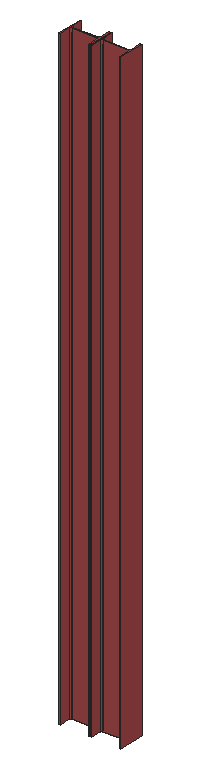
Revit family "CT_Pilar_Aco_Dup_Esq", category Structural Columns, Revit 2025
Family settings
  Section Shape = Not Defined
  Material for Model Behavior = Other
  Always export as geometry = No
  Beam cutback in plan = From bounding box
  OmniClass Number = 23.25.30.11.14.11
  OmniClass Title = Columns
  Cut with Voids When Loaded = No
  Symbolic Representation = From Family
  Shared = No
  Show family pre-cut in plan views = Yes
Parameters
  Structural Material [instance] = CT_Estrutura_Metalica
  Depth = 500 mm
  Width = 500 mm
  Coluna_E = 15 mm
Reference planes
  plane 1 "Center (Front/Back)": y = 0
  plane 2: z = 0
  plane 3 "Center (Left/Right)": x = 0
Dimensions and locks
  aligned and locked: level to plane 2
  aligned and locked: level to nested 1  (x3)
  aligned and locked: nested 1 to level
  aligned and locked: level to nested 2  (x3)
  aligned and locked: nested 2 to level
  aligned and locked: plane 3 "Center (Left/Right)" to nested 2
  aligned and locked: nested 1 to nested 2
Nested families
  nested 1: "Pilares W Gerdau" at (-301.5, 0, 0) x (0, 1, 0) z (0, 0, 1), Structural Material <- "Structural Material", type "W610X217"
    with pm 217, Structural Material CT_Estrutura_Metalica, pt 868000 mm, compr 4000 mm, Comprimento 4000 mm
  nested 2: "Pilares W Gerdau" at (-100.5, 0, 0) x (0, 1, 0) z (0, 0, 1), Structural Material <- "Structural Material", type "W610X217"
    with pm 217, Structural Material CT_Estrutura_Metalica, pt 868000 mm, compr 4000 mm, Comprimento 4000 mm
Definition of nested family "Pilares W Gerdau"
  Parameters (values of type "W200X35.9")
    tipo = "200x35.9"
    tip_secao = "W"
    tag = ""
    pt [instance] = compr * pm  # 89750 mm
    pm [instance] = Peso Nominal  # 35.9
    nome = "W200x35.9"
    material = "AÇO ASTM A572 - GR50"
    compr [instance] = Comprimento  # 2500 mm
    Peso Nominal = 35.9
    Width = 165 mm
    Web Thickness = 6.22 mm
    Web Fillet = 10 mm
    Warping Constant = 0.0000868 (stored number, unit not read)
    Torsional Moment of Inertia = 14.40 cm⁴
    Structural Material [instance] = none
    Comprimento [instance] = 2500 mm
    Section Name Key = "W8x24"
    Section Area = 45.7 cm²
    Plastic Modulus weak axis = 140.0 cm³
    Plastic Modulus strong axis = 379.0 cm³
    Perimeter = 3.3793 (stored number, unit not read)
    Nominal Weight = 35.8999 kgf/m
    Moment of Inertia weak axis = 762.00 cm⁴
    Moment of Inertia strong axis = 3440.00 cm⁴
    Height = 201 mm
    Flange Thickness = 10.2 mm
    Elastic Modulus weak axis = 92.3 cm³
    Elastic Modulus strong axis = 342.0 cm³
    Centroid Vertical = Height / 2  # 10.05 cm
    Centroid Horizontal = Width / 2  # 8.25 cm
    Assembly Code = ""
  Types (102, lengths in mm): name | tipo | pt | pm | nome | Peso Nominal | Width | Web Thickness | Web Fillet | Warping Constant | Torsional Moment of Inertia | Section Name Key | Section Area | Plastic Modulus weak axis | Plastic Modulus strong axis | Perimeter | Nominal Weight | Moment of Inertia weak axis | Moment of Inertia strong axis | Height | Flange Thickness | Elastic Modulus weak axis | Elastic Modulus strong axis | Centroid Vertical | Centroid Horizontal
    W200X35.9 | "200x35.9" | 89750 | 35.9 | "W200x35.9" | 35.9 | 165 | 6.22 | 10 | 0.0000868 (stored number, unit not read) | 14.40 cm⁴ | "W8x24" | 45.7 cm² | 140.0 cm³ | 379.0 cm³ | 3.3793 (stored number, unit not read) | 35.8999 kgf/m | 762.00 cm⁴ | 3440.00 cm⁴ | 201 | 10.2 | 92.3 cm³ | 342.0 cm³ | 10.05 cm | 8.25 cm
    W610X82 | "610x82" | 205000 | 82 | "W610x82" | 82 | 178 | 10 | 12.9 | 0.001297 (stored number, unit not read) | 49.10 cm⁴ | "W24x55" | 105.0 cm² | 218.0 cm³ | 2200.0 cm³ | 6.1352 (stored number, unit not read) | 81.9997 kgf/m | 1210.00 cm⁴ | 56200.00 cm⁴ | 599 | 12.8 | 136.0 cm³ | 1870.0 cm³ | 29.95 cm | 8.9 cm
    W610X92 | "610x92" | 230000 | 92 | "W610x92" | 92 | 179 | 10.9 | 12.7 | 0.0015464 (stored number, unit not read) | 71.20 cm⁴ | "W24x62" | 117.0 cm² | 257.0 cm³ | 2510.0 cm³ | 6.1352 (stored number, unit not read) | 91.9997 kgf/m | 1440.00 cm⁴ | 64500.00 cm⁴ | 602 | 15 | 161.0 cm³ | 2150.0 cm³ | 30.1 cm | 8.95 cm
    W610X101 | "610x101" | 252500 | 101 | "W610x101" | 101 | 228 | 10.5 | 12.8 | 0.0031552 (stored number, unit not read) | 77.80 cm⁴ | "W24x68" | 130.0 cm² | 401.0 cm³ | 2900.0 cm³ | 6.7913 (stored number, unit not read) | 101.00 kgf/m | 2930.00 cm⁴ | 76200.00 cm⁴ | 602 | 14.9 | 257.0 cm³ | 2520.0 cm³ | 30.1 cm | 11.4 cm
    W610X113 | "610x113" | 282500 | 113 | "W610x113" | 113 | 228 | 11.2 | 12.7 | 0.0037164 (stored number, unit not read) | 112.00 cm⁴ | "W24x76" | 145.0 cm² | 469.0 cm³ | 3280.0 cm³ | 6.8241 (stored number, unit not read) | 113.00 kgf/m | 3430.00 cm⁴ | 87400.00 cm⁴ | 607 | 17.3 | 302.0 cm³ | 2880.0 cm³ | 30.35 cm | 11.4 cm
    W610X125 | "610x125" | 312500 | 125 | "W610x125" | 125 | 229 | 11.9 | 12.7 | 0.0042901 (stored number, unit not read) | 154.00 cm⁴ | "W24x84" | 159.0 cm² | 534.0 cm³ | 3670.0 cm³ | 6.8898 (stored number, unit not read) | 125.00 kgf/m | 3930.00 cm⁴ | 98600.00 cm⁴ | 612 | 19.6 | 342.0 cm³ | 3210.0 cm³ | 30.6 cm | 11.45 cm
    W610X140 | "610x140" | 350000 | 140 | "W610x140" | 140 | 230 | 13.1 | 12.9 | 0.0050259 (stored number, unit not read) | 219.00 cm⁴ | "W24x94" | 179.0 cm² | 615.0 cm³ | 4160.0 cm³ | 6.9226 (stored number, unit not read) | 139.999 kgf/m | 4540.00 cm⁴ | 112000.00 cm⁴ | 617 | 22.2 | 393.0 cm³ | 3640.0 cm³ | 30.85 cm | 11.5 cm
    W610X153 | "610x153" | 382500 | 153 | "W610x153" | 153 | 229 | 14 | 12.7 | 0.0055622 (stored number, unit not read) | 294.00 cm⁴ | "W24x103" | 195.0 cm² | 680.0 cm³ | 4590.0 cm³ | 6.9226 (stored number, unit not read) | 152.999 kgf/m | 4950.00 cm⁴ | 125000.00 cm⁴ | 622 | 24.9 | 434.0 cm³ | 4010.0 cm³ | 31.1 cm | 11.45 cm
    W610X155 | "610x155" | 387500 | 155 | "W610x155" | 155 | 325 | 12.7 | 12.7 | 0.011785 (stored number, unit not read) | 196.00 cm⁴ | "W24x104" | 198.0 cm² | 1020.0 cm³ | 4740.0 cm³ | 8.1365 (stored number, unit not read) | 154.999 kgf/m | 10800.00 cm⁴ | 129000.00 cm⁴ | 612 | 19.1 | 667.0 cm³ | 4230.0 cm³ | 30.6 cm | 16.25 cm
    W610X174 | "610x174" | 435000 | 174 | "W610x174" | 174 | 325 | 14 | 12.7 | 0.013718 (stored number, unit not read) | 280.00 cm⁴ | "W24x117" | 222.0 cm² | 1170.0 cm³ | 5360.0 cm³ | 8.1365 (stored number, unit not read) | 173.999 kgf/m | 12400.00 cm⁴ | 147000.00 cm⁴ | 617 | 21.6 | 762.0 cm³ | 4770.0 cm³ | 30.85 cm | 16.25 cm
    W610X195 | "610x195" | 487500 | 195 | "W610x195" | 195 | 328 | 15.4 | 12.7 | 0.015714 (stored number, unit not read) | 395.00 cm⁴ | "W24x131" | 249.0 cm² | 1340.0 cm³ | 6060.0 cm³ | 8.2021 (stored number, unit not read) | 194.999 kgf/m | 14200.00 cm⁴ | 167000.00 cm⁴ | 622 | 24.4 | 869.0 cm³ | 5390.0 cm³ | 31.1 cm | 16.4 cm
    W610X217 | "610x217" | 542500 | 217 | "W610x217" | 217 | 328 | 16.5 | 12.7 | 0.018333 (stored number, unit not read) | 558.00 cm⁴ | "W24x146" | 277.0 cm² | 1530.0 cm³ | 6850.0 cm³ | 8.2349 (stored number, unit not read) | 216.999 kgf/m | 16300.00 cm⁴ | 191000.00 cm⁴ | 627 | 27.7 | 991.0 cm³ | 6080.0 cm³ | 31.35 cm | 16.4 cm
    W530X66 | "530x66" | 165000 | 66 | "W530x66" | 66 | 165 | 8.89 | 12.7 | 0.00070712 (stored number, unit not read) | 32.00 cm⁴ | "W21x44" | 83.9 cm² | 167.0 cm³ | 1560.0 cm³ | 5.479 (stored number, unit not read) | 65.9998 kgf/m | 862.00 cm⁴ | 35100.00 cm⁴ | 526 | 11.4 | 104.0 cm³ | 1340.0 cm³ | 26.3 cm | 8.25 cm
    W530X72 | "530x72" | 180000 | 72 | "W530x72" | 72 | 207 | 8.89 | 12.7 | 0.001322 (stored number, unit not read) | 33.40 cm⁴ | "W21x48" | 91.0 cm² | 244.0 cm³ | 1750.0 cm³ | 6.0039 (stored number, unit not read) | 71.9997 kgf/m | 1610.00 cm⁴ | 39900.00 cm⁴ | 523 | 10.9 | 156.0 cm³ | 1520.0 cm³ | 26.15 cm | 10.35 cm
    W530X74 | "530x74" | 185000 | 74 | "W530x74" | 74 | 166 | 9.65 | 12.8 | 0.00086052 (stored number, unit not read) | 47.50 cm⁴ | "W21x50" | 94.8 cm² | 200.0 cm³ | 1800.0 cm³ | 5.5118 (stored number, unit not read) | 73.9997 kgf/m | 1040.00 cm⁴ | 41000.00 cm⁴ | 528 | 13.6 | 125.0 cm³ | 1550.0 cm³ | 26.4 cm | 8.3 cm
    W530X82 | "530x82" | 205000 | 82 | "W530x82" | 82 | 209 | 9.53 | 12.6 | 0.0016711 (stored number, unit not read) | 51.60 cm⁴ | "W21x55" | 105.0 cm² | 302.0 cm³ | 2060.0 cm³ | 6.0696 (stored number, unit not read) | 81.9997 kgf/m | 2010.00 cm⁴ | 47500.00 cm⁴ | 528 | 13.3 | 193.0 cm³ | 1800.0 cm³ | 26.4 cm | 10.45 cm
    W530X85 | "530x85" | 212500 | 85 | "W530x85" | 85 | 167 | 10.3 | 12.7 | 0.0010688 (stored number, unit not read) | 73.70 cm⁴ | "W21x57" | 108.0 cm² | 243.0 cm³ | 2110.0 cm³ | 5.5774 (stored number, unit not read) | 84.9997 kgf/m | 1270.00 cm⁴ | 48700.00 cm⁴ | 536 | 16.5 | 153.0 cm³ | 1820.0 cm³ | 26.8 cm | 8.35 cm
    W530X92 | "530x92" | 230000 | 92 | "W530x92" | 92 | 209 | 10.2 | 12.8 | 0.0019954 (stored number, unit not read) | 76.20 cm⁴ | "W21x62" | 118.0 cm² | 356.0 cm³ | 2360.0 cm³ | 6.1024 (stored number, unit not read) | 91.9997 kgf/m | 2390.00 cm⁴ | 55400.00 cm⁴ | 533 | 15.6 | 229.0 cm³ | 2080.0 cm³ | 26.65 cm | 10.45 cm
    W530X101 | "530x101" | 252500 | 101 | "W530x101" | 101 | 210 | 10.9 | 12.8 | 0.0022698 (stored number, unit not read) | 102.00 cm⁴ | "W21x68" | 129.0 cm² | 400.0 cm³ | 2620.0 cm³ | 6.1352 (stored number, unit not read) | 101.00 kgf/m | 2690.00 cm⁴ | 61600.00 cm⁴ | 536 | 17.4 | 257.0 cm³ | 2290.0 cm³ | 26.8 cm | 10.5 cm
    W530X109 | "530x109" | 272500 | 109 | "W530x109" | 109 | 211 | 11.6 | 12.7 | 0.0024818 (stored number, unit not read) | 126.00 cm⁴ | "W21x73" | 139.0 cm² | 436.0 cm³ | 2820.0 cm³ | 6.1352 (stored number, unit not read) | 109.00 kgf/m | 2940.00 cm⁴ | 66600.00 cm⁴ | 538 | 18.8 | 279.0 cm³ | 2470.0 cm³ | 26.9 cm | 10.55 cm
    W530X123 | "530x123" | 307500 | 123 | "W530x123" | 123 | 212 | 13.1 | 12.8 | 0.0028933 (stored number, unit not read) | 181.00 cm⁴ | "W21x83" | 157.0 cm² | 500.0 cm³ | 3210.0 cm³ | 6.2008 (stored number, unit not read) | 123.00 kgf/m | 3390.00 cm⁴ | 76200.00 cm⁴ | 544 | 21.2 | 320.0 cm³ | 2800.0 cm³ | 27.2 cm | 10.6 cm
    W530X138 | "530x138" | 345000 | 138 | "W530x138" | 138 | 214 | 14.7 | 12.7 | 0.0033298 (stored number, unit not read) | 251.00 cm⁴ | "W21x93" | 176.0 cm² | 569.0 cm³ | 3620.0 cm³ | 6.2336 (stored number, unit not read) | 137.999 kgf/m | 3870.00 cm⁴ | 86200.00 cm⁴ | 549 | 23.6 | 362.0 cm³ | 3150.0 cm³ | 27.45 cm | 10.7 cm
    W460X52 | "460x52" | 130000 | 52 | "W460x52" | 52 | 152 | 7.62 | 10.2 | 0.00038162 (stored number, unit not read) | 21.10 cm⁴ | "W18x35" | 66.5 cm² | 132.0 cm³ | 1090.0 cm³ | 4.8556 (stored number, unit not read) | 51.9998 kgf/m | 637.00 cm⁴ | 21200.00 cm⁴ | 450 | 10.8 | 83.9 cm³ | 944.0 cm³ | 22.5 cm | 7.6 cm
    W460X60 | "460x60" | 150000 | 60 | "W460x60" | 60 | 153 | 8 | 10.2 | 0.00048264 (stored number, unit not read) | 33.70 cm⁴ | "W18x40" | 76.1 cm² | 164.0 cm³ | 1280.0 cm³ | 4.8885 (stored number, unit not read) | 59.9998 kgf/m | 795.00 cm⁴ | 25500.00 cm⁴ | 455 | 13.3 | 104.0 cm³ | 1120.0 cm³ | 22.75 cm | 7.65 cm
    W460X68 | "460x68" | 170000 | 68 | "W460x68" | 68 | 154 | 9.14 | 10.3 | 0.00057617 (stored number, unit not read) | 50.80 cm⁴ | "W18x46" | 87.1 cm² | 192.0 cm³ | 1490.0 cm³ | 4.9213 (stored number, unit not read) | 67.9997 kgf/m | 937.00 cm⁴ | 29600.00 cm⁴ | 460 | 15.4 | 122.0 cm³ | 1290.0 cm³ | 23.0 cm | 7.7 cm
    W460X74 | "460x74" | 185000 | 74 | "W460x74" | 74 | 191 | 9.02 | 10.2 | 0.0010177 (stored number, unit not read) | 51.60 cm⁴ | "W18x50" | 94.8 cm² | 272.0 cm³ | 1660.0 cm³ | 5.3806 (stored number, unit not read) | 73.9997 kgf/m | 1670.00 cm⁴ | 33300.00 cm⁴ | 457 | 14.5 | 175.0 cm³ | 1460.0 cm³ | 22.85 cm | 9.55 cm
    W460X82 | "460x82" | 205000 | 82 | "W460x82" | 82 | 191 | 9.91 | 10.2 | 0.0011486 (stored number, unit not read) | 69.10 cm⁴ | "W18x55" | 105.0 cm² | 303.0 cm³ | 1840.0 cm³ | 5.4134 (stored number, unit not read) | 81.9997 kgf/m | 1870.00 cm⁴ | 37000.00 cm⁴ | 460 | 16 | 195.0 cm³ | 1610.0 cm³ | 23.0 cm | 9.55 cm
    W460X89 | "460x89" | 222500 | 89 | "W460x89" | 89 | 192 | 10.5 | 10.2 | 0.0012845 (stored number, unit not read) | 90.30 cm⁴ | "W18x60" | 114.0 cm² | 338.0 cm³ | 2020.0 cm³ | 5.4134 (stored number, unit not read) | 88.9997 kgf/m | 2090.00 cm⁴ | 41000.00 cm⁴ | 462 | 17.7 | 218.0 cm³ | 1770.0 cm³ | 23.1 cm | 9.6 cm
    W460X97 | "460x97" | 242500 | 97 | "W460x97" | 97 | 193 | 11.4 | 10.1 | 0.0014217 (stored number, unit not read) | 114.00 cm⁴ | "W18x65" | 123.0 cm² | 369.0 cm³ | 2180.0 cm³ | 5.479 (stored number, unit not read) | 96.9996 kgf/m | 2280.00 cm⁴ | 44500.00 cm⁴ | 467 | 19.1 | 236.0 cm³ | 1920.0 cm³ | 23.35 cm | 9.65 cm
    W460X106 | "460x106" | 265000 | 106 | "W460x106" | 106 | 194 | 12.6 | 10.1 | 0.0015714 (stored number, unit not read) | 145.00 cm⁴ | "W18x71" | 135.0 cm² | 405.0 cm³ | 2390.0 cm³ | 5.479 (stored number, unit not read) | 106.00 kgf/m | 2510.00 cm⁴ | 48700.00 cm⁴ | 470 | 20.6 | 259.0 cm³ | 2080.0 cm³ | 23.5 cm | 9.7 cm
    W410X38.8 | "410x38.8" | 97000 | 38.8 | "W410x38.8" | 38.8 | 140 | 6.35 | 10.24 | 0.00018956 (stored number, unit not read) | 10.90 cm⁴ | "W16x26" | 49.5 cm² | 89.8 cm³ | 724.0 cm³ | 4.3635 (stored number, unit not read) | 38.7999 kgf/m | 399.00 cm⁴ | 12500.00 cm⁴ | 399 | 8.76 | 57.2 cm³ | 629.0 cm³ | 19.95 cm | 7.0 cm
    W410X46.1 | "410x46.1" | 115250 | 46.1 | "W410x46.1" | 46.1 | 140 | 6.99 | 10.2 | 0.00024693 (stored number, unit not read) | 19.20 cm⁴ | "W16x31" | 58.9 cm² | 115.0 cm³ | 885.0 cm³ | 4.3963 (stored number, unit not read) | 46.0998 kgf/m | 516.00 cm⁴ | 15600.00 cm⁴ | 404 | 11.2 | 73.6 cm³ | 773.0 cm³ | 20.2 cm | 7.0 cm
    W410X53 | "410x53" | 132500 | 53 | "W410x53" | 53 | 178 | 7.49 | 10.2 | 0.00048887 (stored number, unit not read) | 22.70 cm⁴ | "W16x36" | 68.4 cm² | 177.0 cm³ | 1050.0 cm³ | 4.8885 (stored number, unit not read) | 52.9998 kgf/m | 1020.00 cm⁴ | 18600.00 cm⁴ | 404 | 10.9 | 115.0 cm³ | 926.0 cm³ | 20.2 cm | 8.9 cm
    W410X60 | "410x60" | 150000 | 60 | "W410x60" | 60 | 178 | 7.75 | 10.2 | 0.00057991 (stored number, unit not read) | 33.00 cm⁴ | "W16x40" | 76.1 cm² | 208.0 cm³ | 1200.0 cm³ | 4.8885 (stored number, unit not read) | 59.9998 kgf/m | 1200.00 cm⁴ | 21600.00 cm⁴ | 406 | 12.8 | 135.0 cm³ | 1060.0 cm³ | 20.3 cm | 8.9 cm
    W410X67 | "410x67" | 167500 | 67 | "W410x67" | 67 | 179 | 8.76 | 10.2 | 0.00066597 (stored number, unit not read) | 46.20 cm⁴ | "W16x45" | 85.8 cm² | 238.0 cm³ | 1350.0 cm³ | 4.9213 (stored number, unit not read) | 66.9998 kgf/m | 1370.00 cm⁴ | 24400.00 cm⁴ | 409 | 14.4 | 153.0 cm³ | 1190.0 cm³ | 20.45 cm | 8.95 cm
    W410X75 | "410x75" | 187500 | 75 | "W410x75" | 75 | 180 | 9.65 | 10.2 | 0.00076075 (stored number, unit not read) | 63.30 cm⁴ | "W16x50" | 94.8 cm² | 267.0 cm³ | 1510.0 cm³ | 4.9541 (stored number, unit not read) | 74.9997 kgf/m | 1550.00 cm⁴ | 27400.00 cm⁴ | 414 | 16 | 172.0 cm³ | 1330.0 cm³ | 20.7 cm | 9.0 cm
    W410X85 | "410x85" | 212500 | 85 | "W410x85" | 85 | 181 | 10.9 | 10.2 | 0.00089045 (stored number, unit not read) | 92.40 cm⁴ | "W16x57" | 108.0 cm² | 310.0 cm³ | 1720.0 cm³ | 4.9869 (stored number, unit not read) | 84.9997 kgf/m | 1790.00 cm⁴ | 31600.00 cm⁴ | 417 | 18.2 | 198.0 cm³ | 1510.0 cm³ | 20.85 cm | 9.05 cm
    W360X32.9 | "360x32.9" | 82250 | 32.9 | "W360x32.9" | 32.9 | 127 | 5.84 | 10.19 | 0.00010513 (stored number, unit not read) | 8.66 cm⁴ | "W14x22" | 41.9 cm² | 71.9 cm³ | 544.0 cm³ | 3.8714 (stored number, unit not read) | 32.8999 kgf/m | 291.00 cm⁴ | 8280.00 cm⁴ | 348 | 8.51 | 45.9 cm³ | 475.0 cm³ | 17.4 cm | 6.35 cm
    W360X39 | "360x39" | 97500 | 39 | "W360x39" | 39 | 128 | 6.48 | 10.1 | 0.00013594 (stored number, unit not read) | 14.90 cm⁴ | "W14x26" | 49.6 cm² | 90.8 cm³ | 659.0 cm³ | 3.9042 (stored number, unit not read) | 38.9999 kgf/m | 371.00 cm⁴ | 10200.00 cm⁴ | 353 | 10.7 | 58.2 cm³ | 578.0 cm³ | 17.65 cm | 6.4 cm
    W360X44 | "360x44" | 110000 | 44 | "W360x44" | 44 | 171 | 6.86 | 10.12 | 0.00026439 (stored number, unit not read) | 24.30 cm⁴ | "W14x30" | 57.1 cm² | 147.0 cm³ | 775.0 cm³ | 4.4291 (stored number, unit not read) | 43.9998 kgf/m | 1520.00 cm⁴ | 7120.00 cm⁴ | 351 | 11 | 151.0 cm³ | 574.0 cm³ | 17.55 cm | 8.55 cm
    W360X51 | "360x51" | 127500 | 51 | "W360x51" | 51 | 171 | 7.24 | 10.1 | 0.00035793 (stored number, unit not read) | 23.70 cm⁴ | "W14x34" | 64.5 cm² | 174.0 cm³ | 895.0 cm³ | 4.4619 (stored number, unit not read) | 50.9998 kgf/m | 970.00 cm⁴ | 14200.00 cm⁴ | 356 | 11.6 | 113.0 cm³ | 796.0 cm³ | 17.8 cm | 8.55 cm
    W360X57.8 | "360x57.8" | 144500 | 57.8 | "W360x57.8" | 57.8 | 172 | 7.87 | 10.1 | 0.00041155 (stored number, unit not read) | 33.20 cm⁴ | "W14x38" | 72.3 cm² | 198.0 cm³ | 1010.0 cm³ | 4.4948 (stored number, unit not read) | 57.7998 kgf/m | 1110.00 cm⁴ | 16000.00 cm⁴ | 358 | 13.1 | 129.0 cm³ | 895.0 cm³ | 17.9 cm | 8.6 cm
    W360X64 | "360x64" | 160000 | 64 | "W360x64" | 64 | 203 | 7.75 | 14.9 | 0.00065349 (stored number, unit not read) | 43.70 cm⁴ | "W14x43" | 81.3 cm² | 283.0 cm³ | 1140.0 cm³ | 4.8228 (stored number, unit not read) | 63.9998 kgf/m | 1880.00 cm⁴ | 17800.00 cm⁴ | 348 | 13.5 | 185.0 cm³ | 1030.0 cm³ | 17.4 cm | 10.15 cm
    W360X72 | "360x72" | 180000 | 72 | "W360x72" | 72 | 204 | 8.64 | 15.1 | 0.00075077 (stored number, unit not read) | 60.40 cm⁴ | "W14x48" | 91.0 cm² | 321.0 cm³ | 1280.0 cm³ | 4.8228 (stored number, unit not read) | 71.9997 kgf/m | 2140.00 cm⁴ | 20100.00 cm⁴ | 351 | 15.1 | 210.0 cm³ | 1150.0 cm³ | 17.55 cm | 10.2 cm
    W360X79 | "360x79" | 197500 | 79 | "W360x79" | 79 | 205 | 9.4 | 15 | 0.00085054 (stored number, unit not read) | 80.70 cm⁴ | "W14x53" | 101.0 cm² | 361.0 cm³ | 1430.0 cm³ | 4.8556 (stored number, unit not read) | 78.9997 kgf/m | 2400.00 cm⁴ | 22500.00 cm⁴ | 353 | 16.8 | 234.0 cm³ | 1270.0 cm³ | 17.65 cm | 10.25 cm
    W360X91 | "360x91" | 227500 | 91 | "W360x91" | 91 | 254 | 9.53 | 15.1 | 0.0015714 (stored number, unit not read) | 91.20 cm⁴ | "W14x61" | 115.0 cm² | 537.0 cm³ | 1670.0 cm³ | 5.5118 (stored number, unit not read) | 90.9997 kgf/m | 4450.00 cm⁴ | 26600.00 cm⁴ | 353 | 16.4 | 352.0 cm³ | 1510.0 cm³ | 17.65 cm | 12.7 cm
    W360X101 | "360x101" | 252500 | 101 | "W360x101" | 101 | 254 | 10.5 | 15 | 0.0017959 (stored number, unit not read) | 125.00 cm⁴ | "W14x68" | 129.0 cm² | 605.0 cm³ | 1880.0 cm³ | 5.5118 (stored number, unit not read) | 101.00 kgf/m | 5040.00 cm⁴ | 30100.00 cm⁴ | 356 | 18.3 | 397.0 cm³ | 1690.0 cm³ | 17.8 cm | 12.7 cm
    W360X110 | "360x110" | 275000 | 110 | "W360x110" | 110 | 257 | 11.4 | 15.2 | 0.0020079 (stored number, unit not read) | 161.00 cm⁴ | "W14x74" | 141.0 cm² | 664.0 cm³ | 2060.0 cm³ | 5.5774 (stored number, unit not read) | 110.00 kgf/m | 5580.00 cm⁴ | 33100.00 cm⁴ | 361 | 19.9 | 436.0 cm³ | 1840.0 cm³ | 18.05 cm | 12.85 cm
    W360X122 | "360x122" | 305000 | 122 | "W360x122" | 122 | 257 | 13 | 15.1 | 0.0022448 (stored number, unit not read) | 211.00 cm⁴ | "W14x82" | 155.0 cm² | 734.0 cm³ | 2280.0 cm³ | 5.5774 (stored number, unit not read) | 122.00 kgf/m | 6160.00 cm⁴ | 36700.00 cm⁴ | 363 | 21.7 | 480.0 cm³ | 2020.0 cm³ | 18.15 cm | 12.85 cm
    W310X21 | "310x21" | 52500 | 21 | "W310x21" | 21 | 101 | 5.08 | 7.58 | 0.000026938 (stored number, unit not read) | 2.93 cm⁴ | "W12x14" | 26.8 cm² | 31.1 cm³ | 285.0 cm³ | 3.2349 (stored number, unit not read) | 20.9999 kgf/m | 98.20 cm⁴ | 3690.00 cm⁴ | 302 | 5.72 | 19.5 cm³ | 244.0 cm³ | 15.1 cm | 5.05 cm
    W310X23.8 | "310x23.8" | 59500 | 23.8 | "W310x23.8" | 23.8 | 101 | 5.59 | 7.67 | 0.000032425 (stored number, unit not read) | 4.29 cm⁴ | "W12x16" | 30.4 cm² | 37.0 cm³ | 329.0 cm³ | 3.2513 (stored number, unit not read) | 23.7999 kgf/m | 117.00 cm⁴ | 4290.00 cm⁴ | 305 | 6.73 | 23.1 cm³ | 280.0 cm³ | 15.25 cm | 5.05 cm
    W310X28.3 | "310x28.3" | 70750 | 28.3 | "W310x28.3" | 28.3 | 102 | 5.97 | 7.61 | 0.000043899 (stored number, unit not read) | 7.49 cm⁴ | "W12x19" | 35.9 cm² | 48.8 cm³ | 405.0 cm³ | 3.2808 (stored number, unit not read) | 28.2999 kgf/m | 157.00 cm⁴ | 5410.00 cm⁴ | 310 | 8.89 | 30.8 cm³ | 349.0 cm³ | 15.5 cm | 5.1 cm
    W310X32.7 | "W310x32.7" | 81750 | 32.7 | "W310x32.7" | 32.7 | 102 | 6.6 | 7.6 | 0.000054874 (stored number, unit not read) | 12.20 cm⁴ | "W12x22" | 41.8 cm² | 60.0 cm³ | 480.0 cm³ | 3.3136 (stored number, unit not read) | 32.6999 kgf/m | 194.00 cm⁴ | 6490.00 cm⁴ | 312 | 10.8 | 37.9 cm³ | 416.0 cm³ | 15.6 cm | 5.1 cm
    W310X38.7 | "310x38.7" | 96750 | 38.7 | "W310x38.7" | 38.7 | 165 | 5.84 | 7.65 | 0.00020328 (stored number, unit not read) | 12.50 cm⁴ | "W12x26" | 49.4 cm² | 134.0 cm³ | 610.0 cm³ | 4.101 (stored number, unit not read) | 38.6999 kgf/m | 720.00 cm⁴ | 8490.00 cm⁴ | 310 | 9.65 | 87.5 cm³ | 547.0 cm³ | 15.5 cm | 8.25 cm
    W310X44.5 | "310x44.5" | 111250 | 44.5 | "W310x44.5" | 44.5 | 166 | 6.6 | 7.6 | 0.0002407 (stored number, unit not read) | 19.00 cm⁴ | "W12x30" | 56.7 cm² | 157.0 cm³ | 706.0 cm³ | 4.1339 (stored number, unit not read) | 44.4998 kgf/m | 845.00 cm⁴ | 9910.00 cm⁴ | 312 | 11.2 | 102.0 cm³ | 633.0 cm³ | 15.6 cm | 8.3 cm
    W310X52 | "310x52" | 130000 | 52 | "W310x52" | 52 | 167 | 7.62 | 7.6 | 0.00029432 (stored number, unit not read) | 30.80 cm⁴ | "W12x35" | 66.5 cm² | 188.0 cm³ | 839.0 cm³ | 4.1667 (stored number, unit not read) | 51.9998 kgf/m | 1020.00 cm⁴ | 11900.00 cm⁴ | 318 | 13.2 | 122.0 cm³ | 747.0 cm³ | 15.9 cm | 8.35 cm
    W310X60* | "310x60*" | 150000 | 60 | "W310x60*" | 60 | 203 | 7.5 | 6.35 | 0.000000479 (stored number, unit not read) | 40.46 cm⁴ | "W12x40" | 0.761 cm² | 275.4 cm³ | 944.3 cm³ | 4.5276 (stored number, unit not read) | 59.9998 kgf/m | 1829.00 cm⁴ | 12908.00 cm⁴ | 303 | 13.1 | 180.2 cm³ | 852.0 cm³ | 15.15 cm | 10.15 cm
    W310X67* | "310x67*" | 167500 | 67 | "W310x67*" | 67 | 204 | 8.5 | 6.35 | 0.000000547 (stored number, unit not read) | 55.35 cm⁴ | "W12x45" | 0.853 cm² | 310.5 cm³ | 1060.4 cm³ | 4.5276 (stored number, unit not read) | 66.9998 kgf/m | 2069.00 cm⁴ | 14559.00 cm⁴ | 306 | 14.6 | 202.8 cm³ | 951.5 cm³ | 15.3 cm | 10.2 cm
    W310X74* | "310x74" | 185000 | 74 | "W310x74*" | 74 | 205 | 9.4 | 6.35 | 0.000000629 (stored number, unit not read) | 75.51 cm⁴ | "W12x50" | 0.951 cm² | 350.5 cm³ | 1192.0 cm³ | 4.5604 (stored number, unit not read) | 73.9997 kgf/m | 2344.00 cm⁴ | 16501.00 cm⁴ | 310 | 16.3 | 228.7 cm³ | 1064.6 cm³ | 15.5 cm | 10.25 cm
    W310X79 | "310x79" | 197500 | 79 | "W310x79" | 79 | 254 | 8.76 | 15.4 | 0.0010588 (stored number, unit not read) | 65.80 cm⁴ | "W12x53" | 101.0 cm² | 477.0 cm³ | 1280.0 cm³ | 5.2165 (stored number, unit not read) | 78.9997 kgf/m | 3990.00 cm⁴ | 17700.00 cm⁴ | 307 | 14.6 | 315.0 cm³ | 1160.0 cm³ | 15.35 cm | 12.7 cm
    W310X97 | "310x97" | 242500 | 97 | "W310x97" | 97 | 305 | 9.91 | 15.1 | 0.001933 (stored number, unit not read) | 90.70 cm⁴ | "W12x65" | 123.0 cm² | 723.0 cm³ | 1590.0 cm³ | 5.8727 (stored number, unit not read) | 96.9996 kgf/m | 7240.00 cm⁴ | 22200.00 cm⁴ | 307 | 15.4 | 477.0 cm³ | 1440.0 cm³ | 15.35 cm | 15.25 cm
    W310X107 | "310x107" | 267500 | 107 | "W310x107" | 107 | 305 | 10.9 | 15.3 | 0.0021949 (stored number, unit not read) | 122.00 cm⁴ | "W12x72" | 136.0 cm² | 806.0 cm³ | 1770.0 cm³ | 5.9055 (stored number, unit not read) | 107.00 kgf/m | 8120.00 cm⁴ | 24800.00 cm⁴ | 312 | 17 | 531.0 cm³ | 1600.0 cm³ | 15.6 cm | 15.25 cm
    W310X117 | "310x117" | 292500 | 117 | "W310x117" | 117 | 307 | 11.9 | 15.1 | 0.0024568 (stored number, unit not read) | 160.00 cm⁴ | "W12x79" | 150.0 cm² | 890.0 cm³ | 1950.0 cm³ | 5.9383 (stored number, unit not read) | 117.00 kgf/m | 8990.00 cm⁴ | 27600.00 cm⁴ | 315 | 18.7 | 587.0 cm³ | 1750.0 cm³ | 15.75 cm | 15.35 cm
    W310X129 | "310x129" | 322500 | 129 | "W310x129" | 129 | 307 | 13.1 | 15.2 | 0.0027686 (stored number, unit not read) | 212.00 cm⁴ | "W12x87" | 165.0 cm² | 990.0 cm³ | 2160.0 cm³ | 5.9383 (stored number, unit not read) | 129.00 kgf/m | 10000.00 cm⁴ | 30800.00 cm⁴ | 318 | 20.6 | 651.0 cm³ | 1930.0 cm³ | 15.9 cm | 15.35 cm
    W310X143 | "310x143" | 357500 | 143 | "W310x143" | 143 | 310 | 14 | 15.2 | 0.0031552 (stored number, unit not read) | 285.00 cm⁴ | "W12x96" | 182.0 cm² | 1110.0 cm³ | 2410.0 cm³ | 6.0039 (stored number, unit not read) | 142.999 kgf/m | 11200.00 cm⁴ | 34700.00 cm⁴ | 323 | 22.9 | 728.0 cm³ | 2150.0 cm³ | 16.15 cm | 15.5 cm
    W310X158 | "310x158" | 395000 | 158 | "W310x158" | 158 | 310 | 15.5 | 15.3 | 0.0035793 (stored number, unit not read) | 380.00 cm⁴ | "W12x106" | 201.0 cm² | 1230.0 cm³ | 2690.0 cm³ | 6.0367 (stored number, unit not read) | 157.999 kgf/m | 12500.00 cm⁴ | 38800.00 cm⁴ | 328 | 25.1 | 808.0 cm³ | 2380.0 cm³ | 16.4 cm | 15.5 cm
    W310X179 | "310x179" | 447500 | 179 | "W310x179" | 179 | 312 | 18 | 15 | 0.0041529 (stored number, unit not read) | 537.00 cm⁴ | "W12x120" | 227.0 cm² | 1400.0 cm³ | 3050.0 cm³ | 6.0696 (stored number, unit not read) | 178.999 kgf/m | 14400.00 cm⁴ | 44500.00 cm⁴ | 333 | 28.2 | 918.0 cm³ | 2670.0 cm³ | 16.65 cm | 15.6 cm
    W310X202 | "310x202" | 505000 | 202 | "W310x202" | 202 | 315 | 20.1 | 15.2 | 0.0049261 (stored number, unit not read) | 770.00 cm⁴ | "W12x136" | 257.0 cm² | 1610.0 cm³ | 3510.0 cm³ | 6.1352 (stored number, unit not read) | 201.999 kgf/m | 16600.00 cm⁴ | 51600.00 cm⁴ | 340 | 31.8 | 1050.0 cm³ | 3050.0 cm³ | 17.0 cm | 15.75 cm
    W250X17.9 | "250x17.9" | 44750 | 17.9 | "W250x17.9" | 17.9 | 101 | 4.83 | 7.67 | 0.000017086 (stored number, unit not read) | 2.28 cm⁴ | "W10x12" | 22.8 cm² | 28.5 cm³ | 206.0 cm³ | 2.8904 (stored number, unit not read) | 17.8999 kgf/m | 90.70 cm⁴ | 2240.00 cm⁴ | 251 | 5.33 | 18.0 cm³ | 179.0 cm³ | 12.55 cm | 5.05 cm
    W250X22.3 | "250x22.3" | 55750 | 22.3 | "W250x22.3" | 22.3 | 102 | 5.84 | 7.64 | 0.000022822 (stored number, unit not read) | 4.33 cm⁴ | "W10x15" | 28.5 cm² | 37.7 cm³ | 262.0 cm³ | 2.9167 (stored number, unit not read) | 22.2999 kgf/m | 120.00 cm⁴ | 2870.00 cm⁴ | 254 | 6.86 | 23.8 cm³ | 226.0 cm³ | 12.7 cm | 5.1 cm
    W250X25.3 | "250x25.3" | 130750 | 52.3 | "W250x25.3" | 52.3 | 102 | 6.1 | 7.62 | 0.000028559 (stored number, unit not read) | 6.49 cm⁴ | "W10x17" | 32.2 cm² | 45.9 cm³ | 306.0 cm³ | 2.9331 (stored number, unit not read) | 25.2999 kgf/m | 148.00 cm⁴ | 3410.00 cm⁴ | 257 | 8.38 | 29.2 cm³ | 265.0 cm³ | 12.85 cm | 5.1 cm
    W250X28.4 | "250x28.4" | 71000 | 28.4 | "W250x28.4" | 28.4 | 102 | 6.35 | 7.7 | 0.000034795 (stored number, unit not read) | 9.70 cm⁴ | "W10x19" | 36.3 cm² | 54.9 cm³ | 354.0 cm³ | 2.9593 (stored number, unit not read) | 28.3999 kgf/m | 179.00 cm⁴ | 4010.00 cm⁴ | 259 | 10 | 35.1 cm³ | 308.0 cm³ | 12.95 cm | 5.1 cm
    W250X32.7 | "250x32.7" | 81750 | 32.7 | "W250x32.7" | 32.7 | 146 | 6.1 | 7.66 | 0.000092038 (stored number, unit not read) | 9.95 cm⁴ | "W10x22" | 41.9 cm² | 100.0 cm³ | 426.0 cm³ | 3.5433 (stored number, unit not read) | 32.6999 kgf/m | 475.00 cm⁴ | 4910.00 cm⁴ | 259 | 9.14 | 65.1 cm³ | 380.0 cm³ | 12.95 cm | 7.3 cm
    W250X38.5 | "250x38.5" | 96250 | 38.5 | "W250x38.5" | 38.5 | 147 | 6.6 | 7.6 | 0.00011548 (stored number, unit not read) | 16.70 cm⁴ | "W10x26" | 49.1 cm² | 123.0 cm³ | 513.0 cm³ | 3.5433 (stored number, unit not read) | 38.4999 kgf/m | 587.00 cm⁴ | 5990.00 cm⁴ | 262 | 11.2 | 80.1 cm³ | 457.0 cm³ | 13.1 cm | 7.35 cm
    W250X44.8 | "250x44.8" | 112000 | 44.8 | "W250x44.8" | 44.8 | 148 | 7.62 | 7.6 | 0.00013843 (stored number, unit not read) | 25.90 cm⁴ | "W10x30" | 57.0 cm² | 145.0 cm³ | 600.0 cm³ | 3.5761 (stored number, unit not read) | 44.7998 kgf/m | 695.00 cm⁴ | 7080.00 cm⁴ | 267 | 13 | 94.2 cm³ | 531.0 cm³ | 13.35 cm | 7.4 cm
    W250X73 | "250x73" | 182500 | 73 | "W250x73" | 73 | 254 | 8.64 | 12.7 | 0.0006934 (stored number, unit not read) | 57.90 cm⁴ | "W10x49" | 92.9 cm² | 464.0 cm³ | 990.0 cm³ | 4.8885 (stored number, unit not read) | 72.9997 kgf/m | 3890.00 cm⁴ | 11300.00 cm⁴ | 254 | 14.2 | 306.0 cm³ | 895.0 cm³ | 12.7 cm | 12.7 cm
    W250X80 | "250x80" | 200000 | 80 | "W250x80" | 80 | 254 | 9.4 | 12.8 | 0.00077696 (stored number, unit not read) | 75.80 cm⁴ | "W10x54" | 102.0 cm² | 513.0 cm³ | 1090.0 cm³ | 4.8885 (stored number, unit not read) | 79.9997 kgf/m | 4290.00 cm⁴ | 12600.00 cm⁴ | 257 | 15.6 | 338.0 cm³ | 983.0 cm³ | 12.85 cm | 12.7 cm
    W250X89 | "250x89" | 222500 | 89 | "W250x89" | 89 | 257 | 10.7 | 12.7 | 0.00088421 (stored number, unit not read) | 103.00 cm⁴ | "W10x60" | 114.0 cm² | 574.0 cm³ | 1220.0 cm³ | 4.9213 (stored number, unit not read) | 88.9997 kgf/m | 4830.00 cm⁴ | 14200.00 cm⁴ | 259 | 17.3 | 377.0 cm³ | 1090.0 cm³ | 12.95 cm | 12.85 cm
    W250X101 | "250x101" | 252500 | 101 | "W250x101" | 101 | 257 | 11.9 | 12.7 | 0.0010376 (stored number, unit not read) | 148.00 cm⁴ | "W10x68" | 128.0 cm² | 657.0 cm³ | 1400.0 cm³ | 4.9541 (stored number, unit not read) | 101.00 kgf/m | 5580.00 cm⁴ | 16400.00 cm⁴ | 264 | 19.6 | 433.0 cm³ | 1240.0 cm³ | 13.2 cm | 12.85 cm
    W250X115 | "250x115" | 287500 | 115 | "W250x115" | 115 | 259 | 13.5 | 12.7 | 0.0012159 (stored number, unit not read) | 213.00 cm⁴ | "W10x77" | 146.0 cm² | 752.0 cm³ | 1600.0 cm³ | 5.0197 (stored number, unit not read) | 115.00 kgf/m | 6410.00 cm⁴ | 18900.00 cm⁴ | 269 | 22.1 | 493.0 cm³ | 1410.0 cm³ | 13.45 cm | 12.95 cm
    W250X131 | "250x131" | 327500 | 131 | "W250x131" | 131 | 262 | 15.4 | 12.7 | 0.0014467 (stored number, unit not read) | 313.00 cm⁴ | "W10x88" | 168.0 cm² | 870.0 cm³ | 1850.0 cm³ | 5.0525 (stored number, unit not read) | 131.00 kgf/m | 7450.00 cm⁴ | 22200.00 cm⁴ | 274 | 25.1 | 570.0 cm³ | 1610.0 cm³ | 13.7 cm | 13.1 cm
    W250X149 | "250x149" | 372500 | 149 | "W250x149" | 149 | 262 | 17.3 | 12.7 | 0.001721 (stored number, unit not read) | 454.00 cm⁴ | "W10x100" | 189.0 cm² | 1000.0 cm³ | 2130.0 cm³ | 5.0853 (stored number, unit not read) | 148.999 kgf/m | 8620.00 cm⁴ | 25900.00 cm⁴ | 282 | 28.4 | 655.0 cm³ | 1840.0 cm³ | 14.1 cm | 13.1 cm
    W250X167 | "250x167" | 417500 | 167 | "W250x167" | 167 | 264 | 19.2 | 12.7 | 0.0020203 (stored number, unit not read) | 629.00 cm⁴ | "W10x112" | 212.0 cm² | 1130.0 cm³ | 2410.0 cm³ | 5.1509 (stored number, unit not read) | 166.999 kgf/m | 9820.00 cm⁴ | 29800.00 cm⁴ | 290 | 31.8 | 742.0 cm³ | 2060.0 cm³ | 14.5 cm | 13.2 cm
    W200X15 | "200x15" | 37500 | 15 | "W200x15" | 15 | 100 | 4.32 | 7.59 | 0.000010351 (stored number, unit not read) | 1.77 cm⁴ | "W8x10" | 19.1 cm² | 27.2 cm³ | 145.0 cm³ | 2.5591 (stored number, unit not read) | 14.9999 kgf/m | 87.00 cm⁴ | 1280.00 cm⁴ | 200 | 5.21 | 17.4 cm³ | 128.0 cm³ | 10.0 cm | 5.0 cm
    W200X19.3 | "200x19.3" | 48250 | 19.3 | "W200x19.3" | 19.3 | 102 | 5.84 | 7.62 | 0.000013718 (stored number, unit not read) | 3.63 cm⁴ | "W8x13" | 24.8 cm² | 35.2 cm³ | 187.0 cm³ | 2.582 (stored number, unit not read) | 19.2999 kgf/m | 114.00 cm⁴ | 1650.00 cm⁴ | 203 | 6.48 | 22.5 cm³ | 162.0 cm³ | 10.15 cm | 5.1 cm
    W200X22.5 | "200x22.5" | 56250 | 22.5 | "W200x22.5" | 22.5 | 102 | 6.22 | 7.6 | 0.000017335 (stored number, unit not read) | 5.70 cm⁴ | "W8x15" | 28.6 cm² | 43.8 cm³ | 223.0 cm³ | 2.6083 (stored number, unit not read) | 22.4999 kgf/m | 142.00 cm⁴ | 2000.00 cm⁴ | 206 | 8 | 27.9 cm³ | 193.0 cm³ | 10.3 cm | 5.1 cm
    W200X26.6 | "200x26.6" | 66500 | 26.6 | "W200x26.6" | 26.6 | 133 | 5.84 | 7.62 | 0.000040906 (stored number, unit not read) | 7.16 cm⁴ | "W8x18" | 33.9 cm² | 76.4 cm³ | 279.0 cm³ | 3.0249 (stored number, unit not read) | 26.5999 kgf/m | 332.00 cm⁴ | 2580.00 cm⁴ | 207 | 8.38 | 49.8 cm³ | 249.0 cm³ | 10.35 cm | 6.65 cm
    W200X31.3 | "200x31.3" | 78250 | 31.3 | "W200x31.3" | 31.3 | 134 | 6.35 | 7.6 | 0.000050883 (stored number, unit not read) | 11.70 cm⁴ | "W8x21" | 39.7 cm² | 93.2 cm³ | 334.0 cm³ | 3.0512 (stored number, unit not read) | 31.2999 kgf/m | 407.00 cm⁴ | 3130.00 cm⁴ | 210 | 10.2 | 60.8 cm³ | 298.0 cm³ | 10.5 cm | 6.7 cm
    W200X41.7 | "200x41.7" | 104250 | 41.7 | "W200x41.7" | 41.7 | 166 | 7.24 | 10 | 0.00010451 (stored number, unit not read) | 22.40 cm⁴ | "W8x28" | 53.2 cm² | 166.0 cm³ | 446.0 cm³ | 3.4121 (stored number, unit not read) | 41.6998 kgf/m | 903.00 cm⁴ | 4080.00 cm⁴ | 205 | 11.8 | 109.0 cm³ | 398.0 cm³ | 10.25 cm | 8.3 cm
    W200X46.1 | "200x46.1" | 115250 | 46.1 | "W200x46.1" | 46.1 | 203 | 7.24 | 10.1 | 0.00017709 (stored number, unit not read) | 22.30 cm⁴ | "W8x31" | 58.9 cm² | 231.0 cm³ | 498.0 cm³ | 3.9042 (stored number, unit not read) | 46.0998 kgf/m | 1540.00 cm⁴ | 4580.00 cm⁴ | 203 | 11 | 152.0 cm³ | 451.0 cm³ | 10.15 cm | 10.15 cm
    W200X52 | "200x52" | 130000 | 52 | "W200x52" | 52 | 204 | 7.87 | 10 | 0.00020702 (stored number, unit not read) | 32.00 cm⁴ | "W8x35" | 66.5 cm² | 264.0 cm³ | 569.0 cm³ | 3.9042 (stored number, unit not read) | 51.9998 kgf/m | 1770.00 cm⁴ | 5290.00 cm⁴ | 206 | 12.6 | 174.0 cm³ | 511.0 cm³ | 10.3 cm | 10.2 cm
    W200X59 | "200x59" | 147500 | 59 | "W200x59" | 59 | 205 | 9.14 | 10 | 0.00024319 (stored number, unit not read) | 46.60 cm⁴ | "W8x40" | 75.5 cm² | 303.0 cm³ | 652.0 cm³ | 3.937 (stored number, unit not read) | 58.9998 kgf/m | 2040.00 cm⁴ | 6080.00 cm⁴ | 210 | 14.2 | 200.0 cm³ | 582.0 cm³ | 10.5 cm | 10.25 cm
    W200X71 | "200x71" | 177500 | 71 | "W200x71" | 71 | 206 | 10.2 | 10 | 0.00031178 (stored number, unit not read) | 81.60 cm⁴ | "W8x48" | 91.0 cm² | 375.0 cm³ | 803.0 cm³ | 4.0026 (stored number, unit not read) | 70.9997 kgf/m | 2530.00 cm⁴ | 7660.00 cm⁴ | 216 | 17.4 | 246.0 cm³ | 708.0 cm³ | 10.8 cm | 10.3 cm
    W200X86 | "200x86" | 215000 | 86 | "W200x86" | 86 | 209 | 13 | 9.9 | 0.00039534 (stored number, unit not read) | 139.00 cm⁴ | "W8x58" | 110.0 cm² | 457.0 cm³ | 980.0 cm³ | 4.0682 (stored number, unit not read) | 85.9997 kgf/m | 3130.00 cm⁴ | 9490.00 cm⁴ | 222 | 20.6 | 300.0 cm³ | 852.0 cm³ | 11.1 cm | 10.45 cm
    W200X100 | "200x100" | 250000 | 100 | "W200x100" | 100 | 210 | 14.5 | 10.1 | 0.00048264 (stored number, unit not read) | 210.00 cm⁴ | "W8x67" | 127.0 cm² | 536.0 cm³ | 1150.0 cm³ | 4.101 (stored number, unit not read) | 99.9996 kgf/m | 3690.00 cm⁴ | 11300.00 cm⁴ | 229 | 23.7 | 351.0 cm³ | 990.0 cm³ | 11.45 cm | 10.5 cm
    W150X13 | "150x13" | 32500 | 13 | "W150x13" | 13 | 100 | 4.32 | 6.35 | 0.000005288 (stored number, unit not read) | 1.39 cm⁴ | "W6x8.5" | 16.3 cm² | 25.6 cm³ | 93.9 cm³ | 2.2244 (stored number, unit not read) | 13.00 kgf/m | 82.80 cm⁴ | 620.00 cm⁴ | 148 | 4.95 | 16.6 cm³ | 83.6 cm³ | 7.4 cm | 5.0 cm
    W150X18 | "150x18" | 45000 | 18 | "W150x18" | 18 | 102 | 5.84 | 6.39 | 0.000008268 (stored number, unit not read) | 3.76 cm⁴ | "W6x12" | 22.9 cm² | 38.0 cm³ | 136.0 cm³ | 2.2671 (stored number, unit not read) | 17.9999 kgf/m | 124.00 cm⁴ | 920.00 cm⁴ | 153 | 7.11 | 24.6 cm³ | 120.0 cm³ | 7.65 cm | 5.1 cm
    W150X24 | "150x24" | 60000 | 24 | "W150x24" | 24 | 102 | 6.6 | 6.3 | 0.000012845 (stored number, unit not read) | 9.28 cm⁴ | "W6x16" | 30.6 cm² | 55.6 cm³ | 192.0 cm³ | 2.3097 (stored number, unit not read) | 23.9999 kgf/m | 184.00 cm⁴ | 1340.00 cm⁴ | 160 | 10.3 | 36.1 cm³ | 167.0 cm³ | 8.0 cm | 5.1 cm
    W150X22.5 | "150x22.5" | 56250 | 22.5 | "W150x22.5" | 22.5 | 152 | 5.84 | 6.4 | 0.000025566 (stored number, unit not read) | 4.20 cm⁴ | "W6x15" | 28.6 cm² | 77.8 cm³ | 177.0 cm³ | 2.9265 (stored number, unit not read) | 22.4999 kgf/m | 388.00 cm⁴ | 1210.00 cm⁴ | 152 | 6.6 | 51.0 cm³ | 159.0 cm³ | 7.6 cm | 7.6 cm
    W150X29.8 | "150x29.8" | 74500 | 29.8 | "W150x29.8" | 29.8 | 153 | 6.6 | 6.33 | 0.000037788 (stored number, unit not read) | 9.99 cm⁴ | "W6x20" | 37.9 cm² | 110.0 cm³ | 246.0 cm³ | 2.9593 (stored number, unit not read) | 29.7999 kgf/m | 554.00 cm⁴ | 1720.00 cm⁴ | 157 | 9.27 | 72.3 cm³ | 220.0 cm³ | 7.85 cm | 7.65 cm
    W150X37.1 | "150x37.1" | 92750 | 37.1 | "W150x37.1" | 37.1 | 154 | 8.13 | 6.3 | 0.000050259 (stored number, unit not read) | 19.20 cm⁴ | "W6x25" | 47.4 cm² | 140.0 cm³ | 310.0 cm³ | 2.9987 (stored number, unit not read) | 37.0999 kgf/m | 712.00 cm⁴ | 2220.00 cm⁴ | 162 | 11.6 | 91.9 cm³ | 274.0 cm³ | 8.1 cm | 7.7 cm
    W360X44.6 | "360x44.6" | 111500 | 44.6 | "W360x44.6" | 44.6 | 171 | 6.86 | 10.12 | 0.00029682 (stored number, unit not read) | 15.80 cm⁴ | "W14x30" | 57.1 cm² | 147.0 cm³ | 775.0 cm³ | 4.4291 (stored number, unit not read) | 43.9998 kgf/m | 816.00 cm⁴ | 12100.00 cm⁴ | 351 | 9.78 | 95.4 cm³ | 688.0 cm³ | 17.55 cm | 8.55 cm
  Reference planes
    plane 1: y = 0
    plane 2: z = 0
    plane 3: x = 0
    plane 4: x = -82.5
    plane 5: x = 82.5
    plane 6: y = 100.5
    plane 7: y = -100.5
    plane 8: x = -3.969
    plane 9: x = 3.969
  Forms (mm)
    Extrusion 1, solid, material <- "Structural Material", detail levels medium
      sketch origin (0, 0, 0) x (1, 0, 0) y (0, 1, 0)
        loop
          line (-82.5, 100.5) -> (-82.5, 90.3) -> (-3.11, 90.3) -> (-3.11, -90.3) -> (-82.5, -90.3) -> (-82.5, -100.5) -> (82.5, -100.5) -> (82.5, -90.3) -> (3.11, -90.3) -> (3.11, 90.3) -> (82.5, 90.3) -> (82.5, 100.5) -> (-82.5, 100.5)
      from 0 to 2500
    Extrusion 2, solid, material <- "Structural Material", detail levels fine
      sketch origin (0, 0, 0) x (1, 0, 0) y (0, 1, 0)
        loop
          line (-82.5, 100.5) -> (-82.5, 90.3) -> (-13.11, 90.3)
          arc (-13.11, 90.3) -> (-6.039, 87.371) -> (-3.11, 80.3) r 10
          line (-3.11, 80.3) -> (-3.11, -80.3)
          arc (-3.11, -80.3) -> (-6.039, -87.371) -> (-13.11, -90.3) r 10
          line (-13.11, -90.3) -> (-82.5, -90.3) -> (-82.5, -100.5) -> (82.5, -100.5) -> (82.5, -90.3) -> (13.11, -90.3)
          arc (13.11, -90.3) -> (6.039, -87.371) -> (3.11, -80.3) r 10
          line (3.11, -80.3) -> (3.11, 80.3)
          arc (3.11, 80.3) -> (6.039, 87.371) -> (13.11, 90.3) r 10
          line (13.11, 90.3) -> (82.5, 90.3) -> (82.5, 100.5) -> (-82.5, 100.5)
      from 0 to 2500
  Lines and regions (mm)
    symbolic lines, detail levels coarse
      curve 1: line (-82.5, 100.5, 0) -> (82.5, 100.5, 0)
      curve 2: line (-82.5, -100.5, 0) -> (82.5, -100.5, 0)
      curve 3: line (0, 100.5, 0) -> (0, -100.5, 0)
    symbolic lines, detail levels medium+fine
      curve 4: line (-3.969, 0, 0) -> (-3.969, 0, 2500)
      curve 5: line (3.969, 0, 2500) -> (3.969, 0, 0)
  Dimensions and locks
    equal spacing: plane 4, plane 3, plane 5
    equal spacing: plane 7, plane 1, plane 6
    "Height": plane 7 to plane 6
    "Width": plane 4 to plane 5
    "Flange Thickness": plane 7 to Extrusion 1 sketch curve
    "Flange Thickness": Extrusion 1 sketch curve to plane 6
    equal spacing: Extrusion 1 sketch curve, plane 3, Extrusion 1 sketch curve
    "Web Thickness": Extrusion 1 sketch curve to Extrusion 1 sketch curve
    "Comprimento": level to level
    "Web Fillet": radius of Extrusion 2 sketch curve  (x4)
    aligned and locked: plane 6 to Extrusion 1 sketch curve
    aligned and locked: Extrusion 1 sketch curve to plane 7
    aligned and locked: Extrusion 1 sketch curve to plane 4  (x2)
    aligned and locked: plane 5 to Extrusion 1 sketch curve  (x2)
    aligned and locked: Extrusion 1 sketch curve to Extrusion 1 sketch curve  (x2)
    aligned and locked: level to Extrusion 1
    aligned and locked: level to plane 2
    aligned and locked: Extrusion 1 to plane 2
    aligned and locked: plane 6 to Extrusion 2 sketch curve
    aligned and locked: plane 5 to Extrusion 2 sketch curve  (x2)
    aligned and locked: Extrusion 2 sketch curve to plane 4  (x2)
    aligned and locked: Extrusion 2 sketch curve to Extrusion 1  (x6)
    aligned and locked: Extrusion 2 sketch curve to plane 7
    aligned and locked: level to Extrusion 2
    aligned and locked: Extrusion 2 to level
  Automatic sketch dimensions
    curve 2 to plane 4 = 0 mm
    curve 1 to plane 4 = 0 mm
    curve 3 to plane 3 = 0 mm
    curve 2 to plane 5 = 0 mm
    curve 1 to plane 5 = 0 mm
    curve 3 to plane 7 = 0 mm
    curve 3 to plane 6 = 0 mm
    curve 4 to level = 0 mm  (x2)
    curve 4 to plane 8 = 0 mm
    curve 5 to level = 0 mm  (x2)
    curve 5 to plane 9 = 0 mm
